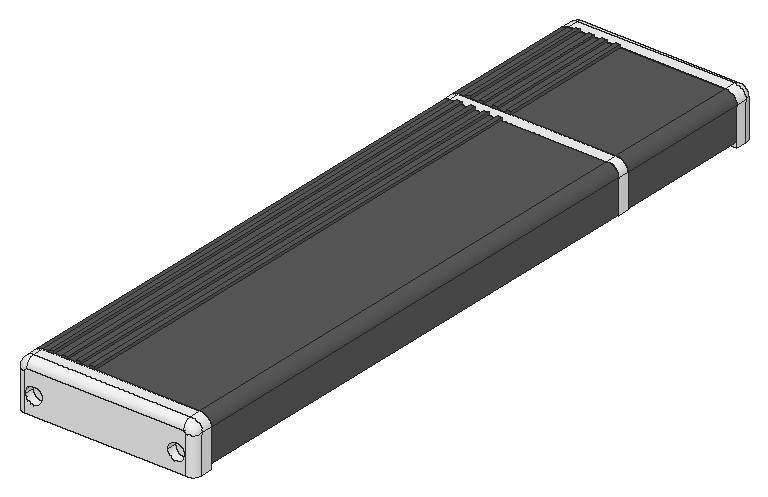
Revit family "JC KONTAKTER JCK237 FI", category Specialty Equipment, host Face, Revit 2025
Family settings
  Host = Face
  Round Connector Dimension = Use Diameter
  Part Type = Normal
  Enable Cutting in Views = Yes
  Cut with Voids When Loaded = No
  Maintain Annotation Orientation = Yes
  Shared = No
  Room Calculation Point = No
Parameters (values of type "JCK237")
  Valmistusmaa = "Ruotsi"
  URL = "https://www.jckontakter.fi/produkt/kyynarkytkin/kyynarkytkin-metalli/kyynarkytkin-jck237/"
  Tuotteen paino = "0.397 kg"
  Tekniken tuotekortti = "www.jckontakter.fi/wp-content/uploads/sites/4/Tekninen-tuotekortti_JCK237_FI-1.pdf"
  Päätypäät = POM Tenac C 4520 (Valkoinen)
  Pienin nimellisvirta = "12V Resistiivinen 6A Induktiivinen L/R 5ms 6A, 24V Resistiivinen 6A Induktiivinen L/R 5ms 5A"
  Nimellisestä nimellisvirrasta = "1mA/4 V DC"
  Model = "JCK237"
  Mikrokytkin = "Standar NO IP67"
  Mikrokytkimien määrä = 2
  Manufacturer = "JC Kontakter"
  Kansi (lås) = Aluminum ENAW 6060 (Musta)
  Kansi = Aluminum ENAW 6060 (Musta)
  Description = "Kyynärkytkin JCK237 kuuluu suurempien painikkeiden sarjaan, joissa on kaksoispainopinnat, jotka mahdollistavat esimerkiksi lisäoven tai lukon kytkemisen. Kyynärkytkin JCK227 on valmistettu mustaksi anodisoidusta alumiinista valkoisilla päätykappaleilla. Molemmat painopinnat on varustettu neljällä kosketustuntuisella uralla, jotka tarjoavat lisäohjausta näkörajoitteisille henkilöille. Näin voidaan helposti tunnustella, mistä kohtaa tulee painaa oven avaamisen aktivoimiseksi."
  Default Elevation = 800 mm
  Kotelo = Aluminum ENAW 6060
  CE asiakirja = "https://jckontakter.se/wp-content/uploads/CE_Dokument.pdf"
Reference planes
  plane 1 "Center (Front/Back)": y = 0
  plane 2: z = 0
  plane 3 "Center (Left/Right)": x = 0
  plane 4 "A": y = -155.5
Lines and regions (mm)
  symbolic lines
    curve 1: line (-50, 0, 50) -> (50, 0, 50)
    curve 2: line (-50, 0, 0) -> (-50, 0, 50)
    curve 3: line (50, 0, 0) -> (-50, 0, 0)
    curve 4: line (50, 0, 50) -> (50, 0, 0)
    curve 5: line (-40, 155.5, 0) -> (40, 155.5, 0)
    curve 6: line (-40, -155.5, 0) -> (-40, 155.5, 0)
    curve 7: line (40, -155.5, 0) -> (-40, -155.5, 0)
    curve 8: line (40, 155.5, 0) -> (40, -155.5, 0)
Text (mm)
  text "Poista tämä tunniste ennen käyttöä.\n\nSijoitusohjeet:\n\n1. Lataa projektiin.\n2. Vie kursori sen pinnan päälle, johon perhe tullaan sijoittamaan.\n3. Jos perhe näkyy kiertyneenä, valitse asetus \"kierrä sijoittamisen jälkeen\".\n4. Napsauta haluttua pintaa.\n5. Kirjoita haluttu kulma.\n6. Paina Enter." at (123.173, 1072.34, 0), in view "Ref. Level"
Dimensions and locks
  aligned and locked: plane 2 to host face
  aligned and locked: level to host face
Nested families
  nested 1: "AK_237" at (0, -155.5, 0) x (1, 0, 0) z (0, 1, 0), type "AK_237"
Definition of nested family "AK_237"
  Parameters (values of type "AK_237")
    Middle separator = none
    Lid (secondary) = none
    Default Elevation = 1219.2 mm
    Core Finish = none
    URL = "https://jckontakter.se/produkt/armbagskontakter-metall/armbagskontakt-i-aluminium-jck237/"
    Model = "JCK237"  # constant formula
    Manufacturer = "JC Kontakter"  # constant formula
    Lid Finish = none
    End Cap Finish = none
    Description = "JCK237 tillhör en serie armbågskontakter med dubbla tryckytor som gör det möjligt att koppla t.ex. en extra dörr eller ett lås. JCK237 är tillverkad i svarteloxerad aluminium med vita endcaps. Båda tryckytorna är utformade med fyra taktila rillor och fungerar som extra vägledning för personer med synnedsättning. Man kan enkelt känna sig till vart man ska trycka för att aktivera dörröppning."  # constant formula
  Reference planes
    plane 1 "Center (Front/Back)": y = 0
    plane 2: z = 0
    plane 3 "Center (Left/Right)": x = 0
    plane 4 "1": x = 40
    plane 5 "A": z = 9
    plane 6 "B": z = 302
    plane 7 "C": z = 236
  Forms (mm)
    Extrusion 1, solid, material <- "Core Finish"
      sketch origin (40, 0, 9) x (1, 0, 0) y (0, 1, 0)
        loop
          line (-80, 0) -> (-80, -1.2) -> (-75, -1.2) -> (-75, -8.75) -> (-73.2, -8.75) -> (-73.2, -1.2) -> (-11.2, -1.2) -> (-11.2, -8.75) -> (-2.249, -8.75)
          arc (-2.249, -8.75) -> (-3.331, -3.54) -> (-8.11, -1.2) r 6.05
          line (-8.11, -1.2) -> (-5.54, -1.2) -> (-5.54, 0) -> (-80, 0)
      from 0 to 293
    Extrusion 2, solid, material <- "Lid Finish"
      sketch origin (-40, 0, 9) x (-1, 0, 0) y (0, -1, 0)
        loop
          line (-3.92, 11.41) -> (-0.92, 6.4) -> (0, 6.4) -> (0, 16.83)
          arc (0, 16.83) -> (-1.464, 20.366) -> (-5, 21.83) r 5
          line (-5, 21.83) -> (-8, 21.83) -> (-8, 22.83) -> (-10, 22.83) -> (-10, 21.83) -> (-14, 21.83) -> (-14, 22.83) -> (-16, 22.83) -> (-16, 21.83) -> (-20, 21.83) -> (-20, 22.83) -> (-22, 22.83) -> (-22, 21.83) -> (-26, 21.83) -> (-26, 22.83) -> (-28, 22.83) -> (-28, 21.83) -> (-75, 21.83)
          arc (-75, 21.83) -> (-78.536, 20.366) -> (-80, 16.83) r 5
          line (-80, 16.83) -> (-80, 2.38) -> (-78.4, 2.38) -> (-78.4, 11.41) -> (-3.92, 11.41)
      from 0 to 227
    Extrusion 3, solid, material <- "End Cap Finish"
      sketch origin (-40, 0, 0) x (1, 0, 0) y (0, 1, 0)
        loop
          arc (0, -16.83) -> (1.464, -20.366) -> (5, -21.83) r 5
          line (5, -21.83) -> (75, -21.83)
          arc (75, -21.83) -> (78.536, -20.366) -> (80, -16.83) r 5
          line (80, -16.83) -> (80, 0) -> (0, 0) -> (0, -16.83)
      from 0 to 9
    Sweep 4, void
      path origin (0, 0, 0) x (1, 0, 0) y (0, 1, 0)
        loop
          line (42, 0) -> (42, -16.83)
          arc (42, -16.83) -> (39.95, -21.78) -> (35, -23.83) r 7
          line (35, -23.83) -> (-35, -23.83)
          arc (-35, -23.83) -> (-39.95, -21.78) -> (-42, -16.83) r 7
          line (-42, -16.83) -> (-42, 0)
      profile origin (0, -23.83, 0) x (0, -1, 0) y (0, 0, 1)
        loop
          line (-1, 4) -> (-2, 4)
          arc (-2, 4) -> (-3.172, 1.172) -> (-6, 0) r 4
          line (-6, 0) -> (-6, -1) -> (-1, -1) -> (-1, 4)
    Extrusion 5, solid, material <- "End Cap Finish"
      sketch origin (0, 0, 302) x (-1, 0, 0) y (0, -1, 0)
        loop
          arc (40, 16.83) -> (38.536, 20.366) -> (35, 21.83) r 5
          line (35, 21.83) -> (-35, 21.83)
          arc (-35, 21.83) -> (-38.536, 20.366) -> (-40, 16.83) r 5
          line (-40, 16.83) -> (-40, 0) -> (40, 0) -> (40, 16.83)
      from 0 to 9
    Sweep 6, void
      path origin (0, 0, 302) x (-1, 0, 0) y (0, -1, 0)
        loop
          line (-42, 0) -> (-42, 16.83)
          arc (-42, 16.83) -> (-39.95, 21.78) -> (-35, 23.83) r 7
          line (-35, 23.83) -> (35, 23.83)
          arc (35, 23.83) -> (39.95, 21.78) -> (42, 16.83) r 7
          line (42, 16.83) -> (42, 0)
      profile origin (0, -23.83, 302) x (0, -1, 0) y (0, 0, 1)
        loop
          line (-1, 5) -> (-1, 10) -> (-6, 10) -> (-6, 9)
          arc (-6, 9) -> (-3.172, 7.828) -> (-2, 5) r 4
          line (-2, 5) -> (-1, 5)
    Extrusion 7, void
      sketch origin (0, 0, 0) x (1, 0, 0) y (0, 1, 0)
        loop
          circle (-31.75, -8.25) r 3.75
        loop
          circle (31.75, -8.25) r 3.75
      from 0 to 4
    Extrusion 8, solid, material <- "Lid (secondary)"
      sketch origin (0, 0, 236) x (-1, 0, 0) y (0, -1, 0)
        loop
          line (36.08, 11.41) -> (39.08, 6.4) -> (40, 6.4) -> (40, 16.83)
          arc (40, 16.83) -> (38.536, 20.366) -> (35, 21.83) r 5
          line (35, 21.83) -> (32, 21.83) -> (32, 22.83) -> (30, 22.83) -> (30, 21.83) -> (26, 21.83) -> (26, 22.83) -> (24, 22.83) -> (24, 21.83) -> (20, 21.83) -> (20, 22.83) -> (18, 22.83) -> (18, 21.83) -> (14, 21.83) -> (14, 22.83) -> (12, 22.83) -> (12, 21.83) -> (-35, 21.83)
          arc (-35, 21.83) -> (-38.536, 20.366) -> (-40, 16.83) r 5
          line (-40, 16.83) -> (-40, 2.38) -> (-38.4, 2.38) -> (-38.4, 11.41) -> (36.08, 11.41)
      from 5 to 66
    Extrusion 9, solid, material <- "Middle separator"
      sketch origin (0, 0, 236) x (-1, 0, 0) y (0, -1, 0)
        loop
          line (-19.5, 16.33) -> (35, 16.33) -> (35, 5) -> (40, 5) -> (40, 16.83)
          arc (40, 16.83) -> (38.536, 20.366) -> (35, 21.83) r 5
          line (35, 21.83) -> (-35, 21.83)
          arc (-35, 21.83) -> (-38.536, 20.366) -> (-40, 16.83) r 5
          line (-40, 16.83) -> (-40, 2) -> (-34.897, 2)
          arc (-34.897, 2) -> (-37.462, 4.894) -> (-37.751, 8.75) r 6.05
          line (-37.751, 8.75) -> (-19.5, 8.75) -> (-19.5, 16.33)
      from 0 to 5
  Cuts and joins
    Sweep 4, Sweep 6, Extrusion 7 cuts Extrusion 3
    Sweep 6 cuts Extrusion 5
  Dimensions and locks
    aligned and locked: level to plane 2
